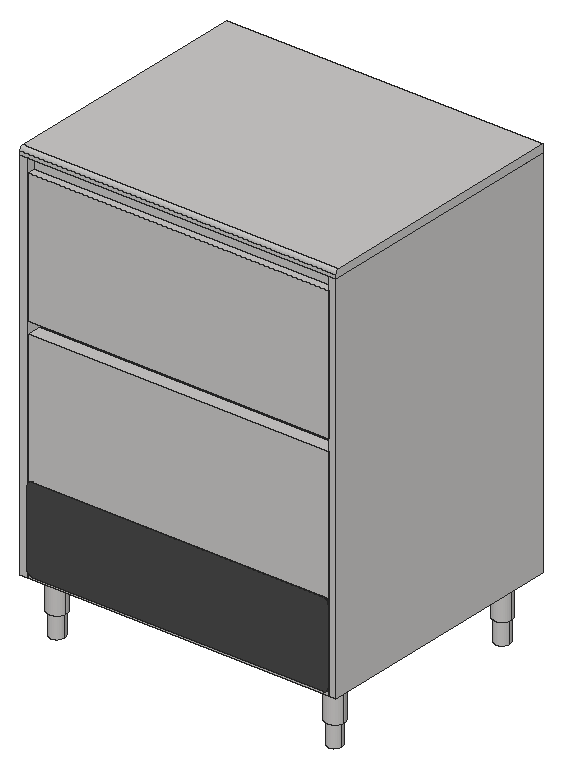
Revit family "QF_ZANUSSI_730313_ICB155I75SNP", category Attrezzature speciali, Revit 2018
Family settings
  Quota connettore circolare = Usa diametro
  Tipo di parte = Normale
  Basato su piano di lavoro = No
  Sempre verticale = Sì
  Taglio con vuoti quando caricato = No
  Condiviso = No
  Punto di calcolo locali = No
Parameters (values of type "Standard")
  Weight = 95.00 kg
  Watts = 0 W
  Volts = 220 V
  URL Manufacturer = "http://www.zanussiprofessional.com"
  URL = "http://www.zanussiprofessional.com"
  Steam Supply Size = 0 mm
  Steam Supply Minimum Pressure = 0.0 Pa
  Steam Supply Maximum Pressure = 0.0 Pa
  Steam Pounds per Hour = 0
  Show Logo [instance] = yes
  Show Clearance [instance] = yes
  Refrigeration Suction Line Size = 0 mm
  Refrigeration Liquid Line Size = 0 mm
  Refrigerant Compressor Remote = yes
  Produttore = "Zanussi"
  Phase = 1
  Modello = "ICB155I75SNP"
  Length Actual = 860 mm  # constant formula
  Item Number = "730313"
  Hot Water Size = 0 mm
  Height Actual = 1149 mm  # constant formula
  HP = "0 HP"
  Gas Size = 0 mm
  Gas KW = 0
  Gas Input Pressure = 0 W
  Descrizione = "WATER COOLED ICE CUBER 22GR 155KG/24H-BIN 75KG"
  Depth Actual = 700 mm  # constant formula
  Cycle = 50 Hz
  Condensate Return Size = 0 mm
  Compressed Air Volume = 0.0 L/s
  Compressed Air Size = 0 mm
  Compressed Air Pressure = 0.0 Pa
  Cold Water Size = 19.05 mm
  Accessory = yes
Reference planes
  plane 1 "Center X": y = 272.851
  plane 2: z = 0
  plane 3 "Center Y": x = -501.5
  plane 4 "LEFT": x = -931.5
  plane 5 "RIGHT": x = -71.5
  plane 6 "FRONT": y = -77.649
  plane 7 "BACK": y = 623.351
  plane 8: z = 154
  plane 9: z = 1198
  plane 10: z = 1178
  plane 11: x = -911.5
  plane 12: x = -91.5
  plane 13: y = -37.649
Forms (mm)
  Extrusion 1, solid, material "QF_Finishes_Black"
    sketch origin (-217.296, -77.649, 371.513) x (-1, 0, 0) y (0, 0, -1)
      loop
        arc (679.204, -20.487) -> (689.811, -16.093) -> (694.204, -5.487) r 15
        line (694.204, -5.487) -> (694.204, 195.469)
        arc (694.204, 195.469) -> (689.811, 206.075) -> (679.204, 210.469) r 15
        line (679.204, 210.469) -> (-110.796, 210.469)
        arc (-110.796, 210.469) -> (-121.403, 206.075) -> (-125.796, 195.469) r 15
        line (-125.796, 195.469) -> (-125.796, -5.487)
        arc (-125.796, -5.487) -> (-121.403, -16.093) -> (-110.796, -20.487) r 15
        line (-110.796, -20.487) -> (679.204, -20.487)
    from 0 to 2
  Extrusion 2, solid, material "QF_Finishes_Stainless Steel"
    sketch origin (-501.5, 0, 0) x (0, 1, 0) y (0, 0, 1)
      loop
        line (623.351, 1178) -> (623.351, 1198) -> (-67.649, 1198)
        arc (-67.649, 1198) -> (-74.72, 1195.071) -> (-77.649, 1188) r 10
        line (-77.649, 1188) -> (-77.649, 1178) -> (623.351, 1178)
    from -430 to 430
  Extrusion 3, solid, material "QF_Finishes_Stainless Steel"
    sketch origin (-519.2, 623.351, -284.545) x (1, 0, 0) y (0, 0, -1)
      loop
        circle (378.2, -654.545) r 10
    from 0 to 10
  Extrusion 4, solid, material "QF_Finishes_Stainless Steel"
    sketch origin (0, 0, 0) x (1, 0, 0) y (0, 1, 0)
      loop
        line (-931.5, 623.351) -> (-931.5, -77.649) -> (-911.5, -77.649) -> (-911.5, 623.351) -> (-931.5, 623.351)
    from 154 to 1178
  Extrusion 5, solid, material "QF_Finishes_Stainless Steel"
    sketch origin (0, 0, 0) x (1, 0, 0) y (0, 1, 0)
      loop
        line (-91.5, 623.351) -> (-91.5, -77.649) -> (-71.5, -77.649) -> (-71.5, 623.351) -> (-91.5, 623.351)
    from 154 to 1178
  Extrusion 6, solid, material "QF_Finishes_Stainless Steel"
    sketch origin (0, 0, 0) x (1, 0, 0) y (0, 1, 0)
      loop
        line (-911.5, 623.351) -> (-911.5, -37.649) -> (-91.5, -37.649) -> (-91.5, 623.351) -> (-911.5, 623.351)
    from 154 to 1178
  Extrusion 7, solid, material "QF_Finishes_Stainless Steel"
    sketch origin (0, 0, 0) x (1, 0, 0) y (0, 1, 0)
      loop
        line (-911.5, -77.649) -> (-91.5, -77.649) -> (-91.5, -37.649) -> (-911.5, -37.649) -> (-911.5, -77.649)
    from 154 to 748.657
  Extrusion 8, solid, material "QF_Finishes_Stainless Steel"
    sketch origin (-501.5, 0, 0) x (0, 1, 0) y (0, 0, 1)
      loop
        line (-37.649, 1178) -> (-57.649, 1178) -> (-57.649, 1142) -> (-77.649, 1142) -> (-77.649, 780.633) -> (-57.649, 780.633) -> (-57.649, 765.633) -> (-37.649, 765.633) -> (-37.649, 1178)
    from -410 to 410
  Extrusion 9, solid, material "QF_Finishes_Stainless Steel"
    sketch origin (-504.7, 623.351, -432.545) x (1, 0, 0) y (0, 0, -1)
      loop
        circle (378.2, -654.545) r 10
    from 0 to 10
  Extrusion 10, solid, material "QF_Finishes_Stainless Steel"
    sketch origin (-560.2, 623.351, -316.545) x (1, 0, 0) y (0, 0, -1)
      loop
        circle (378.2, -654.545) r 10
    from 0 to 10
Lines and regions (mm)
  Split face 1
    outline origin (-501.5, -57.649, 1178) x (0, 0, -1) y (1, 0, 0)
      loop
        line (5.715, 287.428) -> (30.715, 287.428) -> (30.715, 327.428) -> (5.715, 327.428) -> (5.715, 287.428)
  symbolic lines
    curve 1: line (-931.5, 623.351, 0) -> (-71.5, 623.351, 0)
    curve 2: line (-931.5, -77.649, 0) -> (-931.5, 623.351, 0)
    curve 3: line (-71.5, -77.649, 0) -> (-931.5, -77.649, 0)
    curve 4: line (-71.5, 623.351, 0) -> (-71.5, -77.649, 0)
Dimensions and locks
  equal spacing: plane 4 "LEFT", plane 3 "Center Y", plane 5 "RIGHT"
  plane 4 "LEFT" to plane 5 "RIGHT" = 860 mm
  equal spacing: plane 7 "BACK", plane 1 "Center X", plane 6 "FRONT"
  plane 7 "BACK" to plane 6 "FRONT" = 701 mm
  plane 8 to plane 2 = 154 mm
  plane 9 to plane 8 = 1044 mm
  locked: plane 4 "LEFT" to plane 11 at 20
  locked: plane 12 to plane 5 "RIGHT" at 20
  locked: plane 9 to plane 10 at 20
  locked: plane 13 to plane 6 "FRONT" at 40
  aligned and locked: level to plane 2
  aligned and locked: plane 5 "RIGHT" to Extrusion 2
  aligned and locked: Extrusion 2 to plane 4 "LEFT"
  aligned and locked: Extrusion 4 sketch curve to Extrusion 2  (x2)
  aligned and locked: plane 6 "FRONT" to Extrusion 4 sketch curve
  aligned and locked: Extrusion 4 sketch curve to plane 11
  aligned and locked: Extrusion 5 sketch curve to plane 7 "BACK"
  aligned and locked: plane 12 to Extrusion 5 sketch curve
  aligned and locked: Extrusion 5 sketch curve to Extrusion 2  (x2)
  aligned and locked: plane 10 to Extrusion 4
  aligned and locked: plane 10 to Extrusion 5
  aligned and locked: Extrusion 4 to plane 8
  aligned and locked: Extrusion 5 to plane 8
  aligned and locked: Extrusion 6 sketch curve to Extrusion 4
  aligned and locked: Extrusion 4 to Extrusion 6 sketch curve
  aligned and locked: plane 13 to Extrusion 6 sketch curve
  aligned and locked: Extrusion 6 sketch curve to plane 12
  aligned and locked: plane 10 to Extrusion 6
  aligned and locked: Extrusion 6 to plane 8
  aligned and locked: Extrusion 4 to Extrusion 7 sketch curve
  aligned and locked: Extrusion 7 sketch curve to Extrusion 4
  aligned and locked: plane 13 to Extrusion 7 sketch curve
  aligned and locked: plane 12 to Extrusion 7 sketch curve
  aligned and locked: Extrusion 7 to plane 8
  aligned and locked: plane 12 to Extrusion 8
  aligned and locked: Extrusion 8 to plane 11
Automatic sketch dimensions
  curve 3 to plane 4 "LEFT" = 0 mm
  curve 3 to plane 5 "RIGHT" = 0 mm
  curve 3 to plane 6 "FRONT" = 0 mm
  curve 2 to plane 7 "BACK" = 0 mm
  Extrusion 1 sketch curve to plane 12 = 0 mm
  plane 8 to Extrusion 1 sketch curve = 7.044 mm
  Extrusion 1 sketch curve to Extrusion 1 sketch curve = 15 mm  (x3)
  plane 11 to Extrusion 1 sketch curve = 15 mm  (x2)
  Extrusion 1 sketch curve to Extrusion 1 sketch curve = 200.956 mm
  Extrusion 2 sketch curve to plane 6 "FRONT" = 0 mm
  Extrusion 2 sketch curve to plane 9 = 0 mm
  Extrusion 2 sketch curve to plane 7 "BACK" = 0 mm
  Extrusion 2 sketch curve to plane 10 = 0 mm
  plane 6 "FRONT" to Extrusion 2 sketch curve = 10 mm
  Extrusion 6 to Extrusion 3 sketch curve = 216 mm
  Extrusion 3 sketch curve to Extrusion 6 = 49.5 mm
  Split face 1 sketch curve to Extrusion 8 = 5.715 mm
  Extrusion 8 to Split face 1 sketch curve = 5.285 mm
  Split face 1 sketch curve to Extrusion 8 = 122.572 mm
  Split face 1 sketch curve to Split face 1 sketch curve = 40 mm
  Extrusion 9 sketch curve to Extrusion 6 = 35 mm
  Extrusion 6 to Extrusion 9 sketch curve = 68 mm
  Extrusion 10 sketch curve to Extrusion 6 = 90.5 mm
  Extrusion 6 to Extrusion 10 sketch curve = 184 mm
  Extrusion 8 sketch curve to plane 6 "FRONT" = 0 mm
  Extrusion 8 sketch curve to plane 10 = 0 mm
  Extrusion 8 sketch curve to plane 13 = 0 mm
  plane 6 "FRONT" to Extrusion 8 sketch curve = 20 mm
  Extrusion 8 sketch curve to Extrusion 8 sketch curve = 20 mm
  Extrusion 8 sketch curve to plane 10 = 36 mm
  Extrusion 8 sketch curve to Extrusion 8 sketch curve = 361.367 mm
  Extrusion 8 sketch curve to Extrusion 8 sketch curve = 15 mm
  radius of Extrusion 3 sketch curve = 10 mm
  radius of Extrusion 9 sketch curve = 10 mm
  radius of Extrusion 10 sketch curve = 10 mm
Nested families
  nested 1: "Foot_Complete" at (-879.5, -17.649, 0), type "Foot_Complete"
  nested 2: "Foot_Complete" at (-123.5, -17.649, 0) x (-1, 0, 0) z (0, 0, 1), type "Foot_Complete"
  nested 3: "Foot_Complete" at (-879.5, 552.351, 0), type "Foot_Complete"
  nested 4: "Foot_Complete" at (-123.5, 552.351, 0) x (-1, 0, 0) z (0, 0, 1), type "Foot_Complete"
Connectors
  electrical at (-126.5, 633.351, 222), driven by "Volts"
    settings: on Extrusion 9, index 1, voltage 220 V, apparent load 0 VA, apparent load phase1 0 VA, apparent load phase2 0 VA, apparent load phase3 0 VA, power factor 1, load classification "Altro", number of poles 1, system type 30, power factor state 1, is connector primary yes, connector utility no, sub classification motor no, connector description "Electrical Connection"
  piping at (-141, 633.351, 370), diameter 20
    settings: on Extrusion 3, index 2, connector inside diameter 609.6 mm, connector length 0 mm, flow factor 0, pipe flow 0.0 L/s, pressure drop 0.0 Pa, fitting loss kfactor 0, connector angle 0.00°, fixture units 0, engagement length 0 mm, angle of deflection 0.00°, flow configuration 0, flow direction 0, fitting loss method 0, system type 20, joint type 0, gender type 0, connector reference index -1, connector utility 0, adjustable connector no, is connector primary yes, connector description "Cold water"
  piping at (-182, 633.351, 338), diameter 20
    settings: on Extrusion 10, index 3, connector inside diameter 609.6 mm, connector length 0 mm, flow factor 0, pipe flow 0.0 L/s, pressure drop 0.0 Pa, fitting loss kfactor 0, connector angle 0.00°, fixture units 0, engagement length 0 mm, angle of deflection 0.00°, flow configuration 0, flow direction 0, fitting loss method 0, system type 16, joint type 0, gender type 0, connector reference index -1, connector utility 0, adjustable connector no, is connector primary no, connector description "Drain"
Definition of nested family "Foot_Complete"
  Parameters (values of type "Foot_Complete")
    R = 25 mm
    H = 153 mm
  Reference planes
    plane 1 "Centro (Fronte/Retro)": y = 0
    plane 2: z = 0
    plane 3 "Centro (Sinistra/Destra)": x = 0
    plane 4: z = 153
  Forms (mm)
    Revolve 1, solid
      sketch origin (255.05, 0, 608.09) x (0, 0, 1) y (-1, 0, 0)
        loop
          line (-608.09, 255.05) -> (-608.09, 235.05) -> (-548.09, 235.05) -> (-548.09, 230.05) -> (-455.09, 230.05) -> (-455.09, 255.05) -> (-608.09, 255.05)
        axis (-608.09, 255.05) -> (-455.09, 255.05)
      angle from 0 to 360
  Dimensions and locks
    level to Revolve 1 sketch curve = 60 mm
    "R": Revolve 1 sketch curve to plane 3 "Centro (Sinistra/Destra)"
    "H": plane 4 to level
    aligned and locked: level to plane 2
    aligned and locked: plane 4 to Revolve 1 sketch curve
    aligned and locked: Revolve 1 sketch curve to level
    aligned and locked: plane 3 "Centro (Sinistra/Destra)" to Revolve 1 sketch curve
  Automatic sketch dimensions
    Revolve 1 sketch curve to plane 3 "Centro (Sinistra/Destra)" = 0 mm
    plane 3 "Centro (Sinistra/Destra)" to Revolve 1 sketch curve = 20 mm
    Revolve 1 sketch curve to Revolve 1 sketch curve = 50 mm
    Revolve 1 sketch curve to Revolve 1 sketch curve = 20 mm
